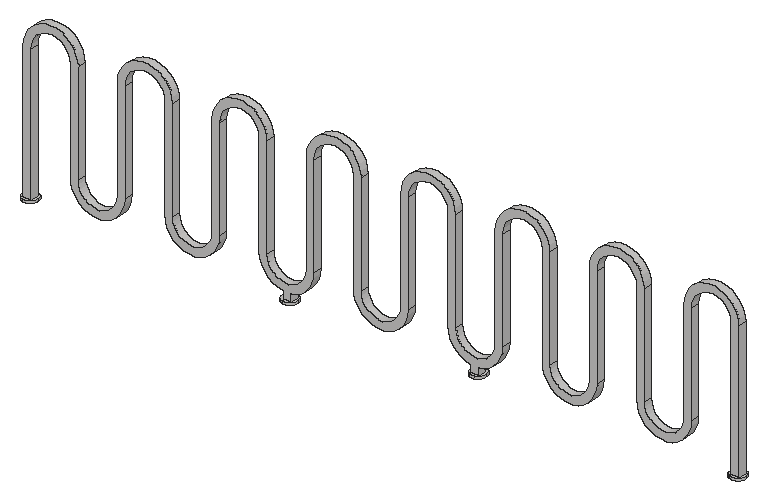
Revit family "Bicycle-Racks_Huntco_Rambler-Sq17", category Site, host Face, Revit 2026
Family settings
  Host = Face
  Round Connector Dimension = Use Diameter
  Part Type = Normal
  Classification Number = 23.40.10.11.11
  Cut with Voids When Loaded = No
  Shared = No
Parameters (values of type "42H")
  holediameter = if(Flange Mounted, 0' 0 1/2", if(Freestanding, 0' 0 1/32", 0' 6"))  # 0' - 0 1/2"
  holedepth = if(Flange Mounted, 0' 4", if(Freestanding, 0' 0 1/32", 1' 0"))  # 0' - 4"
  flangevisible = not(Embedded Mounted)  # yes
  flangeheight = if(Exposed Flange, 0' 0 1/2", 0' 1 1/4")  # 0' - 0 1/2"
  extralength = if(or(Freestanding, Flange Mounted), 0' 0", 0' 11")  # 0' - 0"
  Warranty Duration (Years) = 0
  Unit Width = 15' - 2 97/256"
  Unit Weight = 205
  Unit Height = 3' - 6"
  URL = "http://www.huntco.com/"
  Test Data = ""
  Specification = "http://www.arcat.com/sdspecs/htm/02871hco.htm"
  SpecWizard = ""
  Send Message = "http://www.arcat.com/users.pl?action=UserEmail&company=Huntco+Supply+LLC&coid=39482&rep=133&fax=503-274-2055&mf="
  Sales Information = ""
  Revision = "R1_11_2012"
  Product Properties = ""
  Product Data = "http://www.arcat.com/arcatcos/cos39/arc39482.html"
  Pipe Diameter = 0' - 2"
  Model = "BRS-17"
  Material Finish = Metal - Steel - Huntco - Stainless
  Manufacturer Website = "http://www.huntco.com/"
  Manufacturer Phone - Toll Free = "800-547-5909"
  Manufacturer Phone = "503-224-8700"
  Manufacturer Fax = "503-274-2055"
  Manufacturer Address = "Huntco Supply LLC P. O. Box 10385 Portland, OR 97296"
  Manufacturer = "Huntco Supply LLC"
  Maintenance Schedule (Months) = 0
  Keynote = "02871"
  Installation-Fabrication = ""
  Installation Phase = ""
  Green Building-LEED = "http://www.arcat.com/green/clients/leed_data_39482.html"
  Freestanding = yes
  Embedded Mounted = not(or(Freestanding, Flange Mounted))  # no
  Flange Mounted = yes
  Exposed Flange = yes
  Expected Lifespan (Years) = 0
  Drawn By = "Sumex Design, Inc. / Robert S. Weygant, CSI, CDT, SCIP"
  Description = "Huntco BR Square Series Bike Rack - Model BRS-17"
  Default Elevation = 4' - 0"
  Covered Flange = not(Exposed Flange)  # no
  Copyright = "©Arcat Inc."
  Construction Details = "http://www.arcat.com/details/huntcosu/huntcosu.html?coid=39482"
  Capacity = "17 Bikes"
  Building Codes = ""
  Assembly Code = "G2040500"
Types (2): name | Unit Height
  42H | 3' - 6"
  36H | 3' - 0"
Reference planes (in)
  plane 1 "Center (Front/Back)": y = 0
  plane 2: z = 0
  plane 3 "Center (Left/Right)": x = 0
  plane 4: y = 1
  plane 5: y = -1
  plane 6: x = -91.18945
  plane 7: x = 91.18945
  plane 8: z = 42
  plane 9: x = -90.18945
  plane 10: x = 90.18945
  plane 11: z = 0.5
  plane 12: z = 0
  plane 13: z = -4
  plane 14: x = -23.96684
  plane 15: x = 23.96684
Forms (in)
  Extrusion 1, solid, material "Metal - Steel - Huntco - Stainless" <- "Material Finish", visible <- "flangevisible"
    sketch origin (0, 0, 0) x (1, 0, 0) y (0, 1, 0)
      loop
        circle (-90.18945, 0) r 2
      loop
        circle (90.18945, 0) r 2
      loop
        circle (-23.96684, 0) r 2
      loop
        circle (23.96684, 0) r 2
    from 0 to 0.5
  Sweep 2, solid, material "Metal - Steel - Huntco - Stainless" <- "Material Finish"
    path origin (0, 0, 0) x (1, 0, 0) y (0, 0, 1)
      loop
        line (-90.18945, 0) -> (-90.18945, 34.98737)
        arc (-90.18945, 34.98737) -> (-84.17682, 41) -> (-78.16419, 34.98737) r 6.01263
        line (-78.16419, 34.98737) -> (-78.16419, 9.19336)
        arc (-78.16419, 9.19336) -> (-72.15156, 3.18073) -> (-66.13893, 9.19336) r 6.01263
        line (-66.13893, 9.19336) -> (-66.13893, 34.98737)
        arc (-66.13893, 34.98737) -> (-60.1263, 41) -> (-54.11367, 34.98737) r 6.01263
        line (-54.11367, 34.98737) -> (-54.11367, 9.19336)
        arc (-54.11367, 9.19336) -> (-48.10104, 3.18073) -> (-42.08841, 9.19336) r 6.01263
        line (-42.08841, 9.19336) -> (-42.08841, 34.98737)
        arc (-42.08841, 34.98737) -> (-36.07578, 41) -> (-30.06315, 34.98737) r 6.01263
        line (-30.06315, 34.98737) -> (-30.06315, 9.19336)
        arc (-30.06315, 9.19336) -> (-24.05052, 3.18073) -> (-18.03789, 9.19336) r 6.01263
        line (-18.03789, 9.19336) -> (-18.03789, 34.98737)
        arc (-18.03789, 34.98737) -> (-12.02526, 41) -> (-6.01263, 34.98737) r 6.01263
        line (-6.01263, 34.98737) -> (-6.01263, 9.19336)
        arc (-6.01263, 9.19336) -> (0, 3.18073) -> (6.01263, 9.19336) r 6.01263
        line (6.01263, 9.19336) -> (6.01263, 34.98737)
        arc (6.01263, 34.98737) -> (12.02526, 41) -> (18.03789, 34.98737) r 6.01263
        line (18.03789, 34.98737) -> (18.03789, 9.19336)
        arc (18.03789, 9.19336) -> (24.05052, 3.18073) -> (30.06315, 9.19336) r 6.01263
        line (30.06315, 9.19336) -> (30.06315, 34.98737)
        arc (30.06315, 34.98737) -> (36.07578, 41) -> (42.08841, 34.98737) r 6.01263
        line (42.08841, 34.98737) -> (42.08841, 9.19336)
        arc (42.08841, 9.19336) -> (48.10104, 3.18073) -> (54.11367, 9.19336) r 6.01263
        line (54.11367, 9.19336) -> (54.11367, 34.98737)
        arc (54.11367, 34.98737) -> (60.1263, 41) -> (66.13893, 34.98737) r 6.01263
        line (66.13893, 34.98737) -> (66.13893, 9.19336)
        arc (66.13893, 9.19336) -> (72.15156, 3.18073) -> (78.16419, 9.19336) r 6.01263
        line (78.16419, 9.19336) -> (78.16419, 34.98737)
        arc (78.16419, 34.98737) -> (84.17682, 41) -> (90.18945, 34.98737) r 6.01263
        line (90.18945, 34.98737) -> (90.18945, 0)
    profile origin (-90.18945, 0, 17.49368) x (-1, 0, 0) y (0, -1, 0)
      loop
        line (1, -1) -> (1, 1) -> (-1, 1) -> (-1, -1) -> (1, -1)
  Extrusion 3, solid, material "Metal - Steel - Huntco - Stainless" <- "Material Finish"
    sketch origin (0, 0, 0) x (1, 0, 0) y (0, 1, 0)
      loop
        line (-24.9285, 1) -> (-24.9285, -1) -> (-22.9285, -1) -> (-22.9285, 1) -> (-24.9285, 1)
      loop
        line (24.9285, 1) -> (22.9285, 1) -> (22.9285, -1) -> (24.9285, -1) -> (24.9285, 1)
    from 0 to 3
  Extrusion 4, void
    sketch origin (0, 0, 0) x (1, 0, 0) y (0, 1, 0)
      loop
        circle (-90.18945, 0) r 0.25
      loop
        circle (90.18945, 0) r 0.25
      loop
        circle (23.96684, 0) r 0.25
      loop
        circle (-23.96684, 0) r 0.25
    from -4 to 1.44589
Cuts and joins
  joined: Sweep 2, Extrusion 3
Dimensions and locks (in)
  "Unit Height": plane 8 to level
  equal spacing: plane 4, plane 1 "Center (Front/Back)", plane 5
  "Pipe Diameter": plane 4 to plane 5
  equal spacing: plane 7, plane 3 "Center (Left/Right)", plane 6
  "Unit Width": plane 7 to plane 6
  locked: plane 9 to plane 6 at 1
  locked: plane 7 to plane 10 at 1
  locked: plane 8 to Sweep 2 sketch curve at 1  (x8)
  equal spacing: plane 10, Sweep 2 sketch curve, Sweep 2 sketch curve, Sweep 2 sketch curve, Sweep 2 sketch curve, Sweep 2 sketch curve, Sweep 2 sketch curve, Sweep 2 sketch curve, Sweep 2 sketch curve, Sweep 2 sketch curve, Sweep 2 sketch curve, Sweep 2 sketch curve, Sweep 2 sketch curve, Sweep 2 sketch curve, Sweep 2 sketch curve, plane 9
  locked: plane 6 to Extrusion 1 sketch curve at 1
  locked: Extrusion 1 sketch curve to plane 7 at 1
  "flangeheight": plane 11 to host face
  "extralength": host face to plane 12
  "holedepth": host face to plane 13
  locked: Sweep 2 sketch curve to host face at 9.19336  (x6)
  locked: Sweep 2 sketch curve to level at 9.19336
  locked: plane 6 to Extrusion 4 sketch curve at 1
  "holediameter": Extrusion 4 sketch curve to Extrusion 4 sketch curve  (x4)
  locked: Extrusion 4 sketch curve to plane 14 at 0
  locked: Extrusion 4 sketch curve to plane 15 at 0
  locked: Extrusion 4 sketch curve to plane 7 at 1
  aligned and locked: plane 2 to host face
  aligned and locked: level to host face
  aligned and locked: plane 9 to Sweep 2 sketch curve
  aligned and locked: plane 10 to Sweep 2 sketch curve
  aligned and locked: plane 11 to Extrusion 1
  aligned and locked: plane 12 to Sweep 2 sketch curve  (x2)
  aligned and locked: Extrusion 4 to plane 13
  aligned and locked: Extrusion 3 to plane 12
Automatic sketch dimensions
  host sketch curve to host sketch curve = 8' - 0"  (x2)
  Extrusion 1 sketch curve to plane 1 "Center (Front/Back)" = 0' - 0"  (x4)
  Extrusion 1 sketch curve to plane 3 "Center (Left/Right)" = 1' - 11.96684"
  plane 3 "Center (Left/Right)" to Extrusion 1 sketch curve = 1' - 11.96684"
  profile plane to Sweep 2 sketch curve = 0' - 1"
  Sweep 2 sketch curve to Sweep 2 sketch curve = 0' - 2"  (x2)
  Sweep 2 sketch curve to plane 1 "Center (Front/Back)" = 0' - 1"
  plane 5 to Extrusion 3 sketch curve = 0' - 0"  (x2)
  Extrusion 3 sketch curve to plane 3 "Center (Left/Right)" = 2' - 0.9285"
  Extrusion 3 sketch curve to Extrusion 3 sketch curve = 0' - 2"  (x2)
  plane 3 "Center (Left/Right)" to Extrusion 3 sketch curve = 1' - 10.9285"
  plane 4 to Extrusion 3 sketch curve = 0' - 0"  (x2)
  Extrusion 4 sketch curve to plane 1 "Center (Front/Back)" = 0' - 0"  (x4)
  radius of Extrusion 1 sketch curve = 0' - 2"  (x4)
